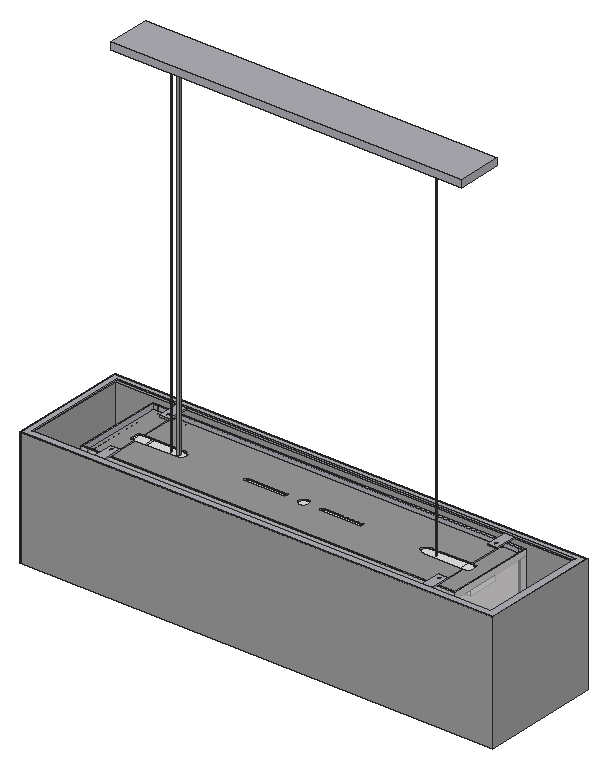
Revit family "Lighting - Lumetta - Pendant - P2096", category Lighting Fixtures, host Ceiling, Revit 2015
Parameters
  Wattage = 34.1318 W
  built-in parameter 1150110 = 1 (stored number, unit not read)
  URL = "https://lumetta.com/luminaires/shadow-streamline-48-pendant/"
  built-in parameter 1114217 = 3 (stored number, unit not read)
  Top Lens-Material [instance] = Acrylic - 2447 - White
  Top Lens [instance] = yes
  built-in parameter 1150109 = 1 (stored number, unit not read)
  built-in parameter 1150134 = (empty or 0)
  Suspension [instance] = 1
  built-in parameter 1150113 = 1 (stored number, unit not read)
  P2096 URL [instance] = "https://lumetta.com/luminaires/shadow-streamline-48-pendant/"
  Model = "P2096"  # constant formula
  Manufacturer = "Lumetta, Inc."  # constant formula
  Lumens = 5070 lm
  built-in parameter 1150115 = 1 (stored number, unit not read)
  built-in parameter 1150105 = 403.46 (stored number, unit not read)
  Light Source Symbol Size = 0' - 2"
  built-in parameter 1150137 = (empty or 0)
  built-in parameter 1150139 = (empty or 0)
  built-in parameter 1150112 = 1 (stored number, unit not read)
  built-in parameter 1150114 = 1 (stored number, unit not read)
  built-in parameter 1150132 = 2
  built-in parameter 1150102 = (empty or 0)
  built-in parameter 1150138 = (empty or 0)
  built-in parameter 1150107 = 3000 (stored number, unit not read)
  built-in parameter 1150106 = 4.0346 (stored number, unit not read)
  Frame Finish [instance] = Paint - Lumetta - F02 - PC_Chrome
  Fixture Drop [instance] = 3' - 0"
  Emit from Line Length = 2' - 10"
  built-in parameter 1150104 = 13.8 (stored number, unit not read)
  Dimming Lamp Color Temperature Shift = (empty or 0)
  Diffuser Material-Outer [instance] = Shade - Lumetta - D929 - Trans_Onyx
  Diffuser Material-Inner [instance] = Shade - Lumetta - D61 - MT_White
  Description = "Shadow Streamline 48'' Pendant"  # constant formula
  Coupling-Stems over 60 inches [instance] = and([2 Stems], Fixture Drop > 5' 0")  # no
  Cord Color [instance] = Cord, Black
  Cone Nut-STD-2-3Wire [instance] = Suspension = 1  # yes
  Color Filter = 16777215
  Bushing-LED-4Wire [instance] = Suspension = 2  # no
  Bottom Lens-Material [instance] = Acrylic - P95 - Etched White
  Bottom Lens [instance] = no
  built-in parameter 1114218 = 1 (stored number, unit not read)
  built-in parameter 1150133 = 10 (stored number, unit not read)
  2 Stems [instance] = Suspension = 3  # no
  1CRD-2CBL-LED-4Wire [instance] = or(Suspension = 1, Suspension = 2)  # yes
  1 CRD-2CBL-STD [instance] = or(Suspension = 1, Suspension = 2)  # yes
Reference planes (in)
  plane 1 "Light Source Axis (F/B)": y = 0
  plane 2 "Ceiling": z = 99.76773
  plane 3 "Light Source Axis (L/R)": x = 0
  plane 4 "Light Source Elevation": z = 61.01773
  plane 5 "Inner Frame Top": z = 63.51773
  plane 6 "Inner Frame BTM": z = 54.51773
  plane 7 "Lamping Start": z = 63.01773
  plane 8 "Left Stem": x = -14.25
  plane 9 "Right Stem": x = 14.25
  plane 10 "Cord": x = -12.75
  plane 11 "Right XBar": x = 16.6875
  plane 12 "Left XBar": x = -16.6875
  plane 13 "Left Cable": x = -13.5
  plane 14 "Right Cable": x = 13.5
  plane 15 "Inner Frame Length-Left": x = -19
  plane 16 "Inner Frame Length-Right": x = 19
  plane 17 "Inner Frame Width-Left": y = 4.5
  plane 18 "Inner Frame Width-Right": y = -4.5
  plane 19 "Outer Frame Length-Left": x = -24
  plane 20 "Outer Frame Length-Right": x = 24
  plane 21 "Outer Frame Width-Left": y = 6
  plane 22 "Outer Frame Width-Right": y = -6
  plane 23 "Outer Frame Top": z = 63.76773
  plane 24 "Outer Frame BTM": z = 51.76773
Forms (in)
  Extrusion 1, solid, material "Paint - Lumetta - F02 - PC_Chrome" <- "Frame Finish"
    sketch origin (0, 0, 99.76773) x (1, 0, 0) y (0, 1, 0)
      loop
        line (-17.875, -2.25) -> (17.875, -2.25) -> (17.875, 2.25) -> (-17.875, 2.25) -> (-17.875, -2.25)
    from 0 to -0.75
  Extrusion 2, solid, material "Paint - Lumetta - F02 - PC_Chrome" <- "Frame Finish"
    sketch origin (0, 0, 63.51773) x (0, -1, 0) y (1, 0, 0)
      loop
        line (-4.5, -19) -> (4.5, -19) -> (4.5, 19) -> (-4.5, 19) -> (-4.5, -19)
      loop
        line (-4, -18.5) -> (4, -18.5) -> (4, 18.5) -> (-4, 18.5) -> (-4, -18.5)
    from 0 to -0.61824
  Extrusion 3, void
    sketch origin (0, 0, 63.51773) x (0, -1, 0) y (1, 0, 0)
      loop
        line (-4.375, -18.875) -> (4.375, -18.875) -> (4.375, 18.875) -> (-4.375, 18.875) -> (-4.375, -18.875)
      loop
        line (-4, -18.375) -> (4, -18.375) -> (4, 18.375) -> (-4, 18.375) -> (-4, -18.375)
    from 0 to -0.5
  Extrusion 4, solid, material "Paint - Lumetta - F02 - PC_Chrome" <- "Frame Finish"
    sketch origin (0, 0, 54.51773) x (-1, 0, 0) y (0, -1, 0)
      loop
        line (19, -4.5) -> (19, 4.5) -> (-19, 4.5) -> (-19, -4.5) -> (19, -4.5)
      loop
        line (18.5, -4) -> (18.5, 4) -> (-18.5, 4) -> (-18.5, -4) -> (18.5, -4)
    from 0.62296 to 0
  Extrusion 5, void
    sketch origin (0, 0, 54.51773) x (-1, 0, 0) y (0, -1, 0)
      loop
        line (18.875, -4.375) -> (18.875, 4.375) -> (-18.875, 4.375) -> (-18.875, -4.375) -> (18.875, -4.375)
      loop
        line (18.375, -4) -> (18.375, 4) -> (-18.5, 4) -> (-18.5, -4) -> (18.375, -4)
    from -0.59912 to 0.64163
  Extrusion 6, solid, material "Paint - Lumetta - F02 - PC_Chrome" <- "Frame Finish"
    sketch origin (0, 0, 36.01773) x (0, -1, 0) y (1, 0, 0)
      loop
        line (-4.5, 19) -> (-4.5, 18.375) -> (-4.375, 18.375) -> (-4.375, 18.875) -> (-3.875, 18.875) -> (-3.875, 19) -> (-4.5, 19)
      loop
        line (-4.5, -19) -> (-3.875, -19) -> (-3.875, -18.875) -> (-4.375, -18.875) -> (-4.375, -18.375) -> (-4.5, -18.375) -> (-4.5, -19)
      loop
        line (4.5, -19) -> (4.5, -18.375) -> (4.375, -18.375) -> (4.375, -18.875) -> (3.875, -18.875) -> (3.875, -19) -> (4.5, -19)
      loop
        line (4.5, 19) -> (3.875, 19) -> (3.875, 18.875) -> (4.375, 18.875) -> (4.375, 18.375) -> (4.5, 18.375) -> (4.5, 19)
    from 18.5 to 27.5
  Extrusion 7, solid, material "Paint - Lumetta - F02 - PC_Chrome" <- "Frame Finish"
    sketch origin (0, 0, 63.51773) x (0, -1, 0) y (1, 0, 0)
      loop
        line (-2.4375, -17.1875) -> (-2.4375, -16.1875) -> (-4.375, -16.1875) -> (-4.375, -17.1875) -> (-2.4375, -17.1875)
      loop
        circle (-2.625, -16.6875) r 0.10889
      loop
        line (2.4375, -17.1875) -> (4.375, -17.1875) -> (4.375, -16.1875) -> (2.4375, -16.1875) -> (2.4375, -17.1875)
      loop
        circle (2.625, -16.6875) r 0.10889
      loop
        line (-2.4375, 17.1875) -> (-4.375, 17.1875) -> (-4.375, 16.1875) -> (-2.4375, 16.1875) -> (-2.4375, 17.1875)
      loop
        circle (-2.625, 16.6875) r 0.10889
      loop
        line (2.4375, 17.1875) -> (2.4375, 16.1875) -> (4.375, 16.1875) -> (4.375, 17.1875) -> (2.4375, 17.1875)
      loop
        circle (2.625, 16.6875) r 0.10889
      loop
        circle (-3.625, -16.6875) r 0.10938
      loop
        circle (3.625, -16.6875) r 0.10938
      loop
        circle (-3.625, 16.6875) r 0.10938
      loop
        circle (3.625, 16.6875) r 0.10938
    from -0.61824 to -0.74408
  Extrusion 8, solid, material "Paint - Lumetta - F02 - PC_Chrome" <- "Frame Finish"
    sketch origin (0, 0, 99.76773) x (1, 0, 0) y (0, 1, 0)
      loop
        circle (-10, 0) r 0.31122
      loop
        circle (10, 0) r 0.31356
    from -0.8125 to -1.1875
  Extrusion 9, solid, material "Paint - Lumetta - F02 - PC_Chrome" <- "Frame Finish", visible <- "2 Stems"
    sketch origin (18, 0.5, 99.76773) x (1, 0, 0) y (0, 1, 0)
      loop
        line (-36, -2.875) -> (0, -2.875) -> (0, 1.875) -> (-36, 1.875) -> (-36, -2.875)
    from -0.8125 to -0.75
  Revolve 10, solid, material "Paint - Lumetta - F02 - PC_Chrome" <- "Frame Finish", visible <- "Cone Nut-STD-2-3Wire"
    sketch origin (0, 0, 0) x (1, 0, 0) y (0, 0, 1)
      loop
        line (-12.75, 98.95523) -> (-12.75, 98.45523) -> (-12.46878, 98.45523) -> (-12.37659, 98.95523) -> (-12.75, 98.95523)
      axis (-12.75, 98.45523) -> (-12.75, 98.95523)
    angle from 0 to 360
  Extrusion 11, solid, material "Paint - Lumetta - F11 - PC_White"
    sketch origin (0, 0, 24.01773) x (0, -1, 0) y (1, 0, 0)
      loop
        line (-2.875, -17.3125) -> (2.875, -17.3125) -> (2.875, -16.0625) -> (-2.875, -16.0625) -> (-2.875, -17.3125)
      loop
        circle (-2.625, -16.6875) r 0.10889
      loop
        line (-2.875, 17.3125) -> (-2.875, 16.0625) -> (2.875, 16.0625) -> (2.875, 17.3125) -> (-2.875, 17.3125)
      loop
        circle (-2.625, 16.6875) r 0.10889
      loop
        circle (2.625, 16.6875) r 0.10889
      loop
        circle (2.625, -16.6875) r 0.10889
    from 38.75592 to 38.63725
  Extrusion 12, solid, material "Paint - Lumetta - F11 - PC_White"
    sketch origin (0, 0, 63.01773) x (-1, 0, 0) y (0, -1, 0)
      loop
        line (18.1875, -1.54) -> (18.1875, 1.54) -> (-18.1875, 1.54) -> (-18.1875, -1.54) -> (18.1875, -1.54)
    from -0.36275 to -1.375
  Extrusion 13, solid, material "Cord, Black" <- "Cord Color", visible <- "1 CRD-2CBL-STD"
    sketch origin (0, 0, 99.76773) x (1, 0, 0) y (0, 1, 0)
      loop
        circle (-12.75, 0) r 0.1566
    from -0.75 to -36.75
  Extrusion 14, solid, material "Steel, Galvanized", visible <- "1 CRD-2CBL-STD"
    sketch origin (0, 0, 96.01773) x (1, 0, 0) y (0, 1, 0)
      loop
        circle (-13.5, 0) r 0.03252
      loop
        circle (13.5, 0) r 0.03265
    from 3 to -33
  Extrusion 15, solid, material "Paint - Lumetta - F02 - PC_Chrome" <- "Frame Finish", visible <- "2 Stems"
    sketch origin (0, 0, 99.76773) x (1, 0, 0) y (0, 1, 0)
      loop
        circle (-14.25, 0) r 0.25
      loop
        circle (14.25, 0) r 0.25
    from 0 to -36.75
  Revolve 16, solid, material "Paint - Lumetta - F02 - PC_Chrome" <- "Frame Finish", visible <- "Coupling-Stems over 60 inches"
    sketch origin (0, 0, 0) x (1, 0, 0) y (0, 0, 1)
      loop
        line (-14.25, 123.51773) -> (-13.95764, 123.51773)
        arc (-13.95764, 123.51773) -> (-13.90786, 123.5585) -> (-13.93801, 123.61534) r 0.05078
        arc (-13.93801, 123.61534) -> (-13.90686, 123.78335) -> (-13.93801, 123.95137) r 0.46875
        arc (-13.93801, 123.95137) -> (-13.90786, 124.00821) -> (-13.95764, 124.04898) r 0.05078
        line (-13.95764, 124.04898) -> (-14.25, 124.04898) -> (-14.25, 123.51773)
      axis (-14.25, 124.04898) -> (-14.25, 123.51773)
    angle from 0 to 360
  Revolve 17, solid, material "Paint - Lumetta - F02 - PC_Chrome" <- "Frame Finish", visible <- "Coupling-Stems over 60 inches"
    sketch origin (0, 0, 0) x (-1, 0, 0) y (0, 0, 1)
      loop
        line (-14.25, 123.51773) -> (-13.9562, 123.51773)
        arc (-13.9562, 123.51773) -> (-13.90642, 123.5585) -> (-13.93657, 123.61534) r 0.05078
        arc (-13.93657, 123.61534) -> (-13.90542, 123.78335) -> (-13.93657, 123.95137) r 0.46875
        arc (-13.93657, 123.95137) -> (-13.90642, 124.00821) -> (-13.9562, 124.04898) r 0.05078
        line (-13.9562, 124.04898) -> (-14.25, 124.04898) -> (-14.25, 123.51773)
      axis (-14.25, 124.04898) -> (-14.25, 123.51773)
    angle from 0 to 360
  Extrusion 18, solid, material "Paint - Lumetta - F02 - PC_Chrome" <- "Frame Finish", visible <- "Bushing-LED-4Wire"
    sketch origin (0, 0, 99.76773) x (1, 0, 0) y (0, 1, 0)
      loop
        circle (-12.75, 0) r 0.37341
      loop
        circle (-12.75, 0) r 0.25
    from -0.91406 to -0.8125
  Extrusion 19, solid, material "Shade - Lumetta - D61 - MT_White" <- "Diffuser Material-Inner"
    sketch origin (0, 0, 63.51773) x (0, -1, 0) y (1, 0, 0)
      loop
        line (-4.5, -19) -> (4.5, -19) -> (4.5, 19) -> (-4.5, 19) -> (-4.5, -19)
      loop
        line (4.5625, -19.0625) -> (4.5625, 19.0625) -> (-4.5625, 19.0625) -> (-4.5625, -19.0625) -> (4.5625, -19.0625)
    from -9 to 0
  Extrusion 20, solid, material "Acrylic - P95 - Etched White" <- "Bottom Lens-Material", visible <- "Bottom Lens"
    sketch origin (0, 0, 54.51773) x (-1, 0, 0) y (0, -1, 0)
      loop
        line (18.75, -4.25) -> (18.75, 4.25) -> (-18.75, 4.25) -> (-18.75, -4.25) -> (18.75, -4.25)
    from 0.11313 to 0.22451
  Extrusion 21, solid, material "Paint - Lumetta - F02 - PC_Chrome" <- "Frame Finish"
    sketch origin (0, 0, 63.76773) x (0, -1, 0) y (1, 0, 0)
      loop
        line (-6, -24) -> (6, -24) -> (6, 24) -> (-6, 24) -> (-6, -24)
      loop
        line (5.375, -23.375) -> (5.375, 23.375) -> (-5.375, 23.375) -> (-5.375, -23.375) -> (5.375, -23.375)
    from -0.63301 to 0
  Extrusion 22, solid, material "Paint - Lumetta - F02 - PC_Chrome" <- "Frame Finish"
    sketch origin (0, 0, 51.76773) x (0, -1, 0) y (1, 0, 0)
      loop
        line (-6, -24) -> (6, -24) -> (6, 24) -> (-6, 24) -> (-6, -24)
      loop
        line (-5.375, -23.375) -> (5.375, -23.375) -> (5.375, 23.375) -> (-5.375, 23.375) -> (-5.375, -23.375)
    from 0 to 0.62744
  Extrusion 23, void
    sketch origin (0, 0, 63.76773) x (0, -1, 0) y (1, 0, 0)
      loop
        line (-5.375, -23.375) -> (5.375, -23.375) -> (5.375, 23.375) -> (-5.375, 23.375) -> (-5.375, -23.375)
      loop
        line (5.875, -23.875) -> (5.875, 23.875) -> (-5.875, 23.875) -> (-5.875, -23.875) -> (5.875, -23.875)
    from -11.88963 to -0.11045
  Extrusion 24, solid, material "Shade - Lumetta - D929 - Trans_Onyx" <- "Diffuser Material-Outer"
    sketch origin (0, 0, 63.76773) x (0, -1, 0) y (1, 0, 0)
      loop
        line (-6, -24) -> (6, -24) -> (6, 24) -> (-6, 24) -> (-6, -24)
      loop
        line (-6.03125, -24.03125) -> (6.03125, -24.03125) -> (6.03125, 24.03125) -> (-6.03125, 24.03125) -> (-6.03125, -24.03125)
    from -12 to 0
  Extrusion 25, solid, material "Paint - Lumetta - F02 - PC_Chrome" <- "Frame Finish"
    sketch origin (0, 0, 63.51773) x (0, -1, 0) y (1, 0, 0)
      loop
        line (-5.875, -17.1875) -> (-3.125, -17.1875) -> (-3.125, -16.1875) -> (-5.875, -16.1875) -> (-5.875, -17.1875)
      loop
        circle (-3.625, -16.6875) r 0.10937
      loop
        line (-5.875, 17.1875) -> (-5.875, 16.1875) -> (-3.125, 16.1875) -> (-3.125, 17.1875) -> (-5.875, 17.1875)
      loop
        circle (-3.625, 16.6875) r 0.10937
      loop
        line (5.875, 17.1875) -> (3.125, 17.1875) -> (3.125, 16.1875) -> (5.875, 16.1875) -> (5.875, 17.1875)
      loop
        circle (3.625, 16.6875) r 0.10937
      loop
        line (5.875, -17.1875) -> (5.875, -16.1875) -> (3.125, -16.1875) -> (3.125, -17.1875) -> (5.875, -17.1875)
      loop
        circle (3.625, -16.6875) r 0.10937
    from -0.01154 to 0.10952
  Extrusion 26, solid, material "Acrylic - 2447 - White" <- "Top Lens-Material", visible <- "Top Lens"
    sketch origin (0, 0, 63.51773) x (0, -1, 0) y (1, 0, 0)
      loop
        line (0.4375, -17.25) -> (-0.4375, -17.25)
        arc (-0.4375, -17.25) -> (-0.52589, -17.21339) -> (-0.5625, -17.125) r 0.125
        line (-0.5625, -17.125) -> (-0.5625, -16.875)
        arc (-0.5625, -16.875) -> (-0.59911, -16.78661) -> (-0.6875, -16.75) r 0.125
        line (-0.6875, -16.75) -> (-3.85472, -16.75)
        arc (-3.85472, -16.75) -> (-3.92153, -16.76936) -> (-3.96765, -16.82143) r 0.125
        arc (-3.96765, -16.82143) -> (-4.05547, -16.93207) -> (-4.18304, -16.99274) r 0.3125
        arc (-4.18304, -16.99274) -> (-4.25365, -17.03649) -> (-4.28125, -17.11484) r 0.125
        line (-4.28125, -17.11484) -> (-4.28125, -18.575)
        arc (-4.28125, -18.575) -> (-4.22267, -18.71642) -> (-4.08125, -18.775) r 0.2
        line (-4.08125, -18.775) -> (4.08125, -18.775)
        arc (4.08125, -18.775) -> (4.22267, -18.71642) -> (4.28125, -18.575) r 0.2
        line (4.28125, -18.575) -> (4.28125, -17.11484)
        arc (4.28125, -17.11484) -> (4.25365, -17.03649) -> (4.18304, -16.99274) r 0.125
        arc (4.18304, -16.99274) -> (4.05547, -16.93207) -> (3.96765, -16.82143) r 0.3125
        arc (3.96765, -16.82143) -> (3.92153, -16.76936) -> (3.85472, -16.75) r 0.125
        line (3.85472, -16.75) -> (0.6875, -16.75)
        arc (0.6875, -16.75) -> (0.59911, -16.78661) -> (0.5625, -16.875) r 0.125
        line (0.5625, -16.875) -> (0.5625, -17.125)
        arc (0.5625, -17.125) -> (0.52589, -17.21339) -> (0.4375, -17.25) r 0.125
      loop
        circle (0, 0) r 0.5
      loop
        line (-0.25, 5.8125) -> (-0.25, 1.9375)
        arc (-0.25, 1.9375) -> (0, 1.6875) -> (0.25, 1.9375) r 0.25
        line (0.25, 1.9375) -> (0.25, 5.8125)
        arc (0.25, 5.8125) -> (0, 6.0625) -> (-0.25, 5.8125) r 0.25
      loop
        arc (-3.96765, 16.82143) -> (-3.92153, 16.76936) -> (-3.85472, 16.75) r 0.125
        line (-3.85472, 16.75) -> (-0.6875, 16.75)
        arc (-0.6875, 16.75) -> (-0.59911, 16.78661) -> (-0.5625, 16.875) r 0.125
        line (-0.5625, 16.875) -> (-0.5625, 17.125)
        arc (-0.5625, 17.125) -> (-0.52589, 17.21339) -> (-0.4375, 17.25) r 0.125
        line (-0.4375, 17.25) -> (0.4375, 17.25)
        arc (0.4375, 17.25) -> (0.52589, 17.21339) -> (0.5625, 17.125) r 0.125
        line (0.5625, 17.125) -> (0.5625, 16.875)
        arc (0.5625, 16.875) -> (0.59911, 16.78661) -> (0.6875, 16.75) r 0.125
        line (0.6875, 16.75) -> (3.85472, 16.75)
        arc (3.85472, 16.75) -> (3.92153, 16.76936) -> (3.96765, 16.82143) r 0.125
        arc (3.96765, 16.82143) -> (4.05547, 16.93207) -> (4.18304, 16.99274) r 0.3125
        arc (4.18304, 16.99274) -> (4.25365, 17.03649) -> (4.28125, 17.11484) r 0.125
        line (4.28125, 17.11484) -> (4.28125, 18.575)
        arc (4.28125, 18.575) -> (4.22267, 18.71642) -> (4.08125, 18.775) r 0.2
        line (4.08125, 18.775) -> (-4.08125, 18.775)
        arc (-4.08125, 18.775) -> (-4.22267, 18.71642) -> (-4.28125, 18.575) r 0.2
        line (-4.28125, 18.575) -> (-4.28125, 17.11484)
        arc (-4.28125, 17.11484) -> (-4.25365, 17.03649) -> (-4.18304, 16.99274) r 0.125
        arc (-4.18304, 16.99274) -> (-4.05547, 16.93207) -> (-3.96765, 16.82143) r 0.3125
      loop
        line (-0.49551, -12.42075) -> (-0.27063, -12.03125)
        arc (-0.27063, -12.03125) -> (0, -11.875) -> (0.27063, -12.03125) r 0.3125
        line (0.27063, -12.03125) -> (0.49551, -12.42075)
        arc (0.49551, -12.42075) -> (0.54546, -12.54134) -> (0.5625, -12.67075) r 0.5
        line (0.5625, -12.67075) -> (0.5625, -16.5)
        arc (0.5625, -16.5) -> (0.59911, -16.58839) -> (0.6875, -16.625) r 0.125
        line (0.6875, -16.625) -> (3.85472, -16.625)
        arc (3.85472, -16.625) -> (3.92153, -16.60564) -> (3.96765, -16.55357) r 0.125
        arc (3.96765, -16.55357) -> (4.05547, -16.44293) -> (4.18304, -16.38226) r 0.3125
        arc (4.18304, -16.38226) -> (4.25365, -16.33851) -> (4.28125, -16.26016) r 0.125
        line (4.28125, -16.26016) -> (4.28125, 16.26016)
        arc (4.28125, 16.26016) -> (4.25365, 16.33851) -> (4.18304, 16.38226) r 0.125
        arc (4.18304, 16.38226) -> (4.05547, 16.44293) -> (3.96765, 16.55357) r 0.3125
        arc (3.96765, 16.55357) -> (3.92153, 16.60564) -> (3.85472, 16.625) r 0.125
        line (3.85472, 16.625) -> (0.6875, 16.625)
        arc (0.6875, 16.625) -> (0.59911, 16.58839) -> (0.5625, 16.5) r 0.125
        line (0.5625, 16.5) -> (0.5625, 12.67075)
        arc (0.5625, 12.67075) -> (0.54546, 12.54134) -> (0.49551, 12.42075) r 0.5
        line (0.49551, 12.42075) -> (0.27063, 12.03125)
        arc (0.27063, 12.03125) -> (0, 11.875) -> (-0.27063, 12.03125) r 0.3125
        line (-0.27063, 12.03125) -> (-0.49551, 12.42075)
        arc (-0.49551, 12.42075) -> (-0.54546, 12.54134) -> (-0.5625, 12.67075) r 0.5
        line (-0.5625, 12.67075) -> (-0.5625, 16.5)
        arc (-0.5625, 16.5) -> (-0.59911, 16.58839) -> (-0.6875, 16.625) r 0.125
        line (-0.6875, 16.625) -> (-3.85472, 16.625)
        arc (-3.85472, 16.625) -> (-3.92153, 16.60564) -> (-3.96765, 16.55357) r 0.125
        arc (-3.96765, 16.55357) -> (-4.05547, 16.44293) -> (-4.18304, 16.38226) r 0.3125
        arc (-4.18304, 16.38226) -> (-4.25365, 16.33851) -> (-4.28125, 16.26016) r 0.125
        line (-4.28125, 16.26016) -> (-4.28125, -16.26016)
        arc (-4.28125, -16.26016) -> (-4.25365, -16.33851) -> (-4.18304, -16.38226) r 0.125
        arc (-4.18304, -16.38226) -> (-4.05547, -16.44293) -> (-3.96765, -16.55357) r 0.3125
        arc (-3.96765, -16.55357) -> (-3.92153, -16.60564) -> (-3.85472, -16.625) r 0.125
        line (-3.85472, -16.625) -> (-0.6875, -16.625)
        arc (-0.6875, -16.625) -> (-0.59911, -16.58839) -> (-0.5625, -16.5) r 0.125
        line (-0.5625, -16.5) -> (-0.5625, -12.67075)
        arc (-0.5625, -12.67075) -> (-0.54546, -12.54134) -> (-0.49551, -12.42075) r 0.5
      loop
        arc (-0.25, -5.8125) -> (0, -6.0625) -> (0.25, -5.8125) r 0.25
        line (0.25, -5.8125) -> (0.25, -1.9375)
        arc (0.25, -1.9375) -> (0, -1.6875) -> (-0.25, -1.9375) r 0.25
        line (-0.25, -1.9375) -> (-0.25, -5.8125)
    from -0.5 to -0.42419
  Revolve 27, solid, material "Paint - Lumetta - F02 - PC_Chrome" <- "Frame Finish", visible <- "2 Stems"
    sketch origin (0, 0, 0) x (1, 0, 0) y (0, 0, 1)
      loop
        line (-14.25, 99.43423) -> (-14.25, 98.74673) -> (-13.88452, 98.74673)
        arc (-13.88452, 98.74673) -> (-13.65804, 99.05321) -> (-13.65163, 99.43423) r 0.625
        line (-13.65163, 99.43423) -> (-14.25, 99.43423)
      axis (-14.25, 98.74673) -> (-14.25, 99.43423)
    angle from 0 to 360
  Revolve 28, solid, material "Paint - Lumetta - F02 - PC_Chrome" <- "Frame Finish", visible <- "2 Stems"
    sketch origin (0, 0, 0) x (-1, 0, 0) y (0, 0, 1)
      loop
        line (-14.25, 99.43423) -> (-14.25, 98.74673) -> (-13.88452, 98.74673)
        arc (-13.88452, 98.74673) -> (-13.65804, 99.05321) -> (-13.65163, 99.43423) r 0.625
        line (-13.65163, 99.43423) -> (-14.25, 99.43423)
      axis (-14.25, 98.74673) -> (-14.25, 99.43423)
    angle from 0 to 360
Cuts and joins
  Extrusion 3, Extrusion 5 cuts Extrusion 2
  Extrusion 5 cuts Extrusion 4
  Extrusion 23 cuts Extrusion 21
  Extrusion 23 cuts Extrusion 22
Dimensions and locks (in)
  equal spacing: host sketch curve, plane 3 "Light Source Axis (L/R)", host sketch curve
  equal spacing: host sketch curve, plane 1 "Light Source Axis (F/B)", host sketch curve
  host sketch curve to host sketch curve = 10' - 0"  (x2)
  locked: Extrusion 9 to Revolve 10 sketch curve at 0.5
  plane 1 "Light Source Axis (F/B)" to Extrusion 11 sketch curve = 0' - 2 7/8"
  locked: Extrusion 11 sketch curve to Extrusion 11 sketch curve at 5.75  (x2)
  locked: imposter light to Extrusion 12 sketch curve at 1.54
  locked: plane 1 "Light Source Axis (F/B)" to Extrusion 12 sketch curve at 1.54
  Revolve 16 sketch curve to level = 10' - 3.51773"
  locked: Revolve 16 sketch curve to Revolve 16 sketch curve at 0.53125
  locked: Revolve 16 sketch curve to Revolve 16 sketch curve at 0.26563
  locked: Revolve 16 sketch curve to Revolve 16 sketch curve at 0.05078  (x2)
  locked: Revolve 17 sketch curve to Revolve 17 sketch curve at 0.53125
  locked: Revolve 17 sketch curve to Revolve 17 sketch curve at 0.26563
  locked: Revolve 17 sketch curve to Revolve 17 sketch curve at 0.05078  (x2)
  locked: Extrusion 18 sketch curve to plane 3 "Light Source Axis (L/R)" at 12.75  (x2)
  locked: Revolve 17 sketch curve to plane 5 "Inner Frame Top" at 60
  locked: Revolve 16 sketch curve to plane 5 "Inner Frame Top" at 60
  locked: cut or joined group of Extrusion 2, Extrusion 3, Extrusion 5 to Extrusion 19 sketch curve at 0.0625
  equal spacing: Extrusion 14 sketch curve, plane 3 "Light Source Axis (L/R)", Extrusion 14 sketch curve
  plane 3 "Light Source Axis (L/R)" to Revolve 10 sketch curve = 1' - 0 3/4"
  equal spacing: Extrusion 8 sketch curve, plane 3 "Light Source Axis (L/R)", Extrusion 8 sketch curve
  Extrusion 8 sketch curve to Extrusion 8 sketch curve = 1' - 8"
  locked: Extrusion 13 sketch curve to plane 3 "Light Source Axis (L/R)" at 12.75
  plane 3 "Light Source Axis (L/R)" to Extrusion 15 sketch curve = 1' - 2 1/4"
  plane 3 "Light Source Axis (L/R)" to Revolve 17 sketch curve = 1' - 2 1/4"
  locked: Revolve 16 sketch curve to plane 8 "Left Stem" at 0  (x2)
  locked: Revolve 16 sketch curve to plane 8 "Left Stem" at 0.29236  (x2)
  locked: plane 8 "Left Stem" to Revolve 16 sketch curve at 0.12561
  locked: Revolve 17 sketch curve to plane 9 "Right Stem" at 0  (x2)
  locked: plane 9 "Right Stem" to Revolve 17 sketch curve at 0.2938  (x2)
  locked: Revolve 17 sketch curve to plane 9 "Right Stem" at 0.12417
  locked: plane 10 "Cord" to Revolve 10 sketch curve at 0
  Revolve 10 sketch curve to plane 10 "Cord" = 0' - 0"
  locked: Revolve 10 sketch curve to plane 10 "Cord" at 0.37341
  locked: Revolve 10 sketch curve to plane 10 "Cord" at 0.28122
  locked: plane 3 "Light Source Axis (L/R)" to plane 10 "Cord" at 12.75
  equal spacing: plane 12 "Left XBar", plane 3 "Light Source Axis (L/R)", plane 11 "Right XBar"
  locked: plane 12 "Left XBar" to plane 11 "Right XBar" at 33.375
  equal spacing: plane 13 "Left Cable", plane 3 "Light Source Axis (L/R)", plane 14 "Right Cable"
  locked: plane 13 "Left Cable" to plane 14 "Right Cable" at 27
  locked: Extrusion 14 sketch curve to plane 13 "Left Cable" at 0
  equal spacing: plane 8 "Left Stem", plane 3 "Light Source Axis (L/R)", plane 9 "Right Stem"
  locked: plane 8 "Left Stem" to plane 9 "Right Stem" at 28.5
  equal spacing: plane 15 "Inner Frame Length-Left", plane 3 "Light Source Axis (L/R)", plane 16 "Inner Frame Length-Right"
  locked: plane 15 "Inner Frame Length-Left" to plane 16 "Inner Frame Length-Right" at 38
  equal spacing: plane 17 "Inner Frame Width-Left", plane 1 "Light Source Axis (F/B)", plane 18 "Inner Frame Width-Right"
  locked: plane 17 "Inner Frame Width-Left" to plane 18 "Inner Frame Width-Right" at 9
  equal spacing: plane 19 "Outer Frame Length-Left", plane 3 "Light Source Axis (L/R)", plane 20 "Outer Frame Length-Right"
  equal spacing: plane 22 "Outer Frame Width-Right", plane 1 "Light Source Axis (F/B)", plane 21 "Outer Frame Width-Left"
  locked: plane 19 "Outer Frame Length-Left" to plane 20 "Outer Frame Length-Right" at 48
  locked: plane 21 "Outer Frame Width-Left" to plane 22 "Outer Frame Width-Right" at 12
  locked: Extrusion 6 sketch curve to plane 15 "Inner Frame Length-Left" at 0  (x2)
  locked: Extrusion 6 sketch curve to plane 17 "Inner Frame Width-Left" at 0  (x2)
  locked: Extrusion 6 sketch curve to plane 18 "Inner Frame Width-Right" at 0  (x2)
  locked: Extrusion 6 sketch curve to plane 16 "Inner Frame Length-Right" at 0  (x2)
  locked: Extrusion 6 sketch curve to plane 16 "Inner Frame Length-Right" at 0.625  (x2)
  locked: Extrusion 6 sketch curve to plane 17 "Inner Frame Width-Left" at 0.625
  locked: Extrusion 6 sketch curve to plane 18 "Inner Frame Width-Right" at 0.625
  locked: plane 15 "Inner Frame Length-Left" to Extrusion 6 sketch curve at 0.625  (x2)
  locked: plane 17 "Inner Frame Width-Left" to Extrusion 6 sketch curve at 0.625
  locked: plane 18 "Inner Frame Width-Right" to Extrusion 6 sketch curve at 0.625
  Extrusion 19 to plane 16 "Inner Frame Length-Right" = 0' - 0"
  locked: plane 16 "Inner Frame Length-Right" to Extrusion 2 sketch curve
  locked: Extrusion 2 sketch curve to plane 17 "Inner Frame Width-Left" at 0
  locked: Extrusion 2 sketch curve to plane 18 "Inner Frame Width-Right" at 0
  locked: plane 15 "Inner Frame Length-Left" to Extrusion 5 sketch curve at 0.125
  locked: Extrusion 5 sketch curve to Extrusion 5 sketch curve at 0.5
  locked: Extrusion 5 sketch curve to plane 16 "Inner Frame Length-Right" at 0.125
  locked: Extrusion 5 sketch curve to plane 16 "Inner Frame Length-Right" at 0.5
  locked: plane 15 "Inner Frame Length-Left" to Extrusion 2 sketch curve
  locked: Extrusion 2 sketch curve to Extrusion 2 sketch curve at 0.5
  locked: plane 15 "Inner Frame Length-Left" to Extrusion 3 sketch curve at 0.125
  locked: Extrusion 3 sketch curve to Extrusion 3 sketch curve at 0.5  (x2)
  locked: Extrusion 3 sketch curve to plane 16 "Inner Frame Length-Right" at 0.125
  locked: plane 15 "Inner Frame Length-Left" to Extrusion 4 sketch curve
  locked: Extrusion 4 sketch curve to Extrusion 4 sketch curve at 0.5  (x2)
  locked: Extrusion 4 sketch curve to plane 16 "Inner Frame Length-Right"
  locked: Extrusion 20 sketch curve to plane 16 "Inner Frame Length-Right" at 0.25
  locked: Extrusion 20 sketch curve to plane 17 "Inner Frame Width-Left" at 0.25
  locked: Extrusion 20 sketch curve to plane 18 "Inner Frame Width-Right" at 0.25
  locked: plane 15 "Inner Frame Length-Left" to Extrusion 20 sketch curve at 0.25
  locked: Extrusion 19 sketch curve to cut or joined group of Extrusion 2, Extrusion 3, Extrusion 5 at 0.0625  (x3)
  equal spacing: Extrusion 9 sketch curve, plane 1 "Light Source Axis (F/B)", Extrusion 9 sketch curve
  equal spacing: Extrusion 9 sketch curve, plane 3 "Light Source Axis (L/R)", Extrusion 9 sketch curve
  locked: Extrusion 9 sketch curve to Extrusion 9 sketch curve at 36
  locked: Extrusion 9 sketch curve to Extrusion 9 sketch curve at 4.75
  locked: Extrusion 9 to Extrusion 1 sketch curve at 0.125  (x3)
  locked: Extrusion 1 sketch curve to Extrusion 9 at 0.125
  locked: Extrusion 7 sketch curve to Extrusion 7 sketch curve at 0.1875  (x4)
  locked: Extrusion 7 sketch curve to plane 12 "Left XBar" at 0  (x2)
  equal spacing: Extrusion 7 sketch curve, plane 12 "Left XBar", Extrusion 7 sketch curve
  locked: Extrusion 7 sketch curve to plane 12 "Left XBar" at 0.5  (x2)
  locked: Extrusion 7 sketch curve to plane 17 "Inner Frame Width-Left" at 0.125
  locked: Extrusion 11 sketch curve to plane 12 "Left XBar" at 0  (x2)
  locked: Extrusion 15 sketch curve to plane 8 "Left Stem"
  locked: plane 9 "Right Stem" to Extrusion 15 sketch curve
  locked: Extrusion 11 sketch curve to Extrusion 11 sketch curve at 1.25  (x2)
  equal spacing: Extrusion 11 sketch curve, plane 12 "Left XBar", Extrusion 11 sketch curve
  locked: Extrusion 12 sketch curve to plane 12 "Left XBar" at 1.5
  locked: plane 11 "Right XBar" to Extrusion 12 sketch curve at 1.5
  locked: plane 15 "Inner Frame Length-Left" to Extrusion 20 at 0.25
  locked: Extrusion 20 to plane 16 "Inner Frame Length-Right" at 0.25
  locked: Extrusion 21 sketch curve to plane 19 "Outer Frame Length-Left" at 0
  locked: Extrusion 21 sketch curve to plane 21 "Outer Frame Width-Left" at 0
  locked: Extrusion 21 sketch curve to plane 22 "Outer Frame Width-Right" at 0
  locked: Extrusion 21 sketch curve to plane 20 "Outer Frame Length-Right" at 0
  locked: Extrusion 21 sketch curve to Extrusion 21 sketch curve at 0.625  (x4)
  locked: Extrusion 21 to plane 20 "Outer Frame Length-Right" at 0
  locked: Extrusion 21 to Extrusion 21 at 0.625  (x4)
  locked: Extrusion 21 to plane 19 "Outer Frame Length-Left" at 0
  locked: Extrusion 21 to plane 21 "Outer Frame Width-Left" at 0
  locked: Extrusion 21 to plane 22 "Outer Frame Width-Right" at 0
  locked: Extrusion 23 sketch curve to plane 20 "Outer Frame Length-Right" at 0.125
  locked: plane 19 "Outer Frame Length-Left" to Extrusion 23 sketch curve at 0.125
  locked: Extrusion 23 sketch curve to plane 21 "Outer Frame Width-Left" at 0.125
  locked: Extrusion 23 sketch curve to plane 22 "Outer Frame Width-Right" at 0.125
  locked: cut or joined group of Extrusion 21, Extrusion 23 to plane 20 "Outer Frame Length-Right" at 0
  locked: cut or joined group of Extrusion 21, Extrusion 23 to Extrusion 24 sketch curve at 0.03125
  locked: cut or joined group of Extrusion 21, Extrusion 23 to plane 21 "Outer Frame Width-Left" at 0  (x2)
  locked: Extrusion 24 sketch curve to cut or joined group of Extrusion 21, Extrusion 23 at 0.03125  (x3)
  locked: cut or joined group of Extrusion 21, Extrusion 23 to plane 19 "Outer Frame Length-Left" at 0
  cut or joined group of Extrusion 21, Extrusion 23 to Extrusion 24 sketch curve = 0' - 0 1/32"
  locked: cut or joined group of Extrusion 21, Extrusion 23 to plane 22 "Outer Frame Width-Right" at 0
  locked: Extrusion 25 sketch curve to plane 12 "Left XBar" at 0.5  (x2)
  locked: plane 12 "Left XBar" to Extrusion 25 sketch curve at 0.5
  locked: Extrusion 25 sketch curve to plane 21 "Outer Frame Width-Left" at 0.125
  locked: Extrusion 25 sketch curve to Extrusion 25 sketch curve at 2.75  (x4)
  locked: Extrusion 7 sketch curve to Extrusion 7 sketch curve at 1.9375  (x4)
  locked: Extrusion 7 sketch curve to Extrusion 7 sketch curve at 1  (x3)
  locked: Extrusion 7 sketch curve to Extrusion 7 sketch curve at 1.1875
  locked: Extrusion 11 sketch curve to Extrusion 11 sketch curve at 0.25  (x3)
  Extrusion 11 sketch curve to Extrusion 11 sketch curve = 0' - 1 1/4"
  Extrusion 25 sketch curve to Extrusion 25 sketch curve = 0' - 0 1/2"
  locked: Extrusion 25 sketch curve to plane 12 "Left XBar" at 0  (x2)
  "Fixture Drop": plane 2 "Ceiling" to plane 23 "Outer Frame Top"
  locked: plane 23 "Outer Frame Top" to plane 5 "Inner Frame Top" at 0.25
  locked: Extrusion 24 to plane 23 "Outer Frame Top" at 0  (x2)
  plane 23 "Outer Frame Top" to cut or joined group of Extrusion 21, Extrusion 23 = 0' - 0"  (x2)
  plane 23 "Outer Frame Top" to cut or joined group of Extrusion 21, Extrusion 23 = 0' - 0.11045"  (x2)
  locked: plane 5 "Inner Frame Top" to plane 7 "Lamping Start" at 0.5
  locked: plane 23 "Outer Frame Top" to Extrusion 25 at 0.26154
  locked: plane 23 "Outer Frame Top" to cut or joined group of Extrusion 2, Extrusion 3, Extrusion 5 at 0.25
  locked: plane 23 "Outer Frame Top" to cut or joined group of Extrusion 21, Extrusion 23 at 0.63301
  locked: plane 5 "Inner Frame Top" to cut or joined group of Extrusion 2, Extrusion 3, Extrusion 5 at 0.61824
  locked: plane 5 "Inner Frame Top" to cut or joined group of Extrusion 2, Extrusion 3, Extrusion 5 at 0.5
  locked: cut or joined group of Extrusion 2, Extrusion 3, Extrusion 5 to plane 5 "Inner Frame Top" at 0
  locked: Extrusion 19 to plane 5 "Inner Frame Top"
  locked: cut or joined group of Extrusion 2, Extrusion 3, Extrusion 5 to Extrusion 7 at 0.12584
  locked: plane 7 "Lamping Start" to Extrusion 7 at 0.11824
  locked: plane 7 "Lamping Start" to Extrusion 11 at 0.36275
  locked: Extrusion 11 to Extrusion 7 at 0
  locked: plane 7 "Lamping Start" to Extrusion 12 at 0.36275
  locked: Extrusion 12 to Extrusion 12 at 1.01225
  plane 7 "Lamping Start" to plane 4 "Light Source Elevation" = 0' - 2"
  locked: cut or joined group of Extrusion 22, Extrusion 23 to plane 24 "Outer Frame BTM" at 0.11037
  locked: cut or joined group of Extrusion 22, Extrusion 23 to plane 24 "Outer Frame BTM" at 0.62744
  plane 23 "Outer Frame Top" to plane 24 "Outer Frame BTM" = 1' - 0"
  plane 5 "Inner Frame Top" to plane 6 "Inner Frame BTM" = 0' - 9"
  locked: plane 23 "Outer Frame Top" to cut or joined group of Extrusion 21, Extrusion 23 at 0.11045
  locked: plane 11 "Right XBar" to Extrusion 11 sketch curve  (x2)
  locked: plane 11 "Right XBar" to Extrusion 11 sketch curve at 0.625
  locked: Extrusion 7 sketch curve to plane 12 "Left XBar"  (x2)
  locked: plane 11 "Right XBar" to Extrusion 7 sketch curve at 0
  locked: plane 11 "Right XBar" to Extrusion 7 sketch curve  (x3)
  locked: Extrusion 7 sketch curve to plane 11 "Right XBar" at 0.5  (x2)
  locked: Extrusion 25 sketch curve to Extrusion 25 sketch curve at 1  (x3)
  locked: Extrusion 25 sketch curve to plane 11 "Right XBar" at 0  (x2)
  locked: plane 11 "Right XBar" to Extrusion 25 sketch curve at 0.5  (x2)
  locked: Extrusion 26 to Extrusion 26 at 0.07581
  locked: plane 5 "Inner Frame Top" to Extrusion 26 at 0.5
  locked: Revolve 27 sketch curve to plane 8 "Left Stem" at 0
  locked: Extrusion 9 to Revolve 27 sketch curve at 0.2085
  locked: Revolve 27 sketch curve to Revolve 27 sketch curve at 0.507
  locked: Revolve 27 sketch curve to Revolve 27 sketch curve at 0.6875
  locked: Revolve 28 sketch curve to Revolve 28 sketch curve at 0.507
  locked: Revolve 28 sketch curve to Revolve 28 sketch curve at 0.6875
  aligned and locked: plane 3 "Light Source Axis (L/R)" to imposter light
  aligned and locked: plane 1 "Light Source Axis (F/B)" to imposter light
  aligned and locked: plane 4 "Light Source Elevation" to imposter light
  aligned and locked: Extrusion 13 to Extrusion 1
  aligned and locked: plane 2 "Ceiling" to Extrusion 15
  aligned and locked: Extrusion 13 to plane 7 "Lamping Start"
  aligned and locked: Extrusion 14 to plane 7 "Lamping Start"
  aligned and locked: Extrusion 15 to Extrusion 13
  aligned and locked: cut or joined group of Extrusion 2, Extrusion 3, Extrusion 5 to Extrusion 5 sketch curve  (x2)
  aligned and locked: Extrusion 11 to Extrusion 12
  aligned and locked: plane 15 "Inner Frame Length-Left" to Extrusion 19 sketch curve
  aligned and locked: Extrusion 19 sketch curve to plane 17 "Inner Frame Width-Left"
  aligned and locked: Extrusion 19 sketch curve to plane 16 "Inner Frame Length-Right"
  aligned and locked: plane 18 "Inner Frame Width-Right" to Extrusion 19 sketch curve
  aligned and locked: Extrusion 24 to plane 23 "Outer Frame Top"
  aligned and locked: Extrusion 7 to cut or joined group of Extrusion 2, Extrusion 3, Extrusion 5
  aligned and locked: Extrusion 14 to Extrusion 1
  aligned and locked: Extrusion 6 to plane 5 "Inner Frame Top"
  aligned and locked: plane 24 "Outer Frame BTM" to Extrusion 22
  aligned and locked: plane 24 "Outer Frame BTM" to Extrusion 24
  aligned and locked: Extrusion 19 to plane 6 "Inner Frame BTM"
  aligned and locked: Extrusion 6 to plane 6 "Inner Frame BTM"
  aligned and locked: Extrusion 4 to plane 6 "Inner Frame BTM"
Automatic sketch dimensions
  Extrusion 2 sketch curve to plane 17 "Inner Frame Width-Left" = 0' - 0 1/2"
  plane 18 "Inner Frame Width-Right" to Extrusion 2 sketch curve = 0' - 0 1/2"
  Extrusion 2 sketch curve to plane 16 "Inner Frame Length-Right" = 0' - 0 1/2"
  Extrusion 3 sketch curve to plane 17 "Inner Frame Width-Left" = 0' - 0 1/8"
  Extrusion 3 sketch curve to plane 17 "Inner Frame Width-Left" = 0' - 0 1/2"
  plane 18 "Inner Frame Width-Right" to Extrusion 3 sketch curve = 0' - 0 1/2"
  plane 18 "Inner Frame Width-Right" to Extrusion 3 sketch curve = 0' - 0 1/8"
  Extrusion 4 sketch curve to plane 17 "Inner Frame Width-Left" = 0' - 0"
  Extrusion 4 sketch curve to plane 18 "Inner Frame Width-Right" = 0' - 0"
  Extrusion 4 sketch curve to plane 17 "Inner Frame Width-Left" = 0' - 0 1/2"
  plane 18 "Inner Frame Width-Right" to Extrusion 4 sketch curve = 0' - 0 1/2"
  Extrusion 5 sketch curve to plane 17 "Inner Frame Width-Left" = 0' - 0 1/8"
  plane 18 "Inner Frame Width-Right" to Extrusion 5 sketch curve = 0' - 0 1/8"
  Extrusion 6 sketch curve to plane 17 "Inner Frame Width-Left" = 0' - 0 1/8"  (x2)
  plane 18 "Inner Frame Width-Right" to Extrusion 6 sketch curve = 0' - 0 1/8"  (x2)
  plane 15 "Inner Frame Length-Left" to Extrusion 6 sketch curve = 0' - 0 1/8"  (x2)
  Extrusion 6 sketch curve to Extrusion 6 sketch curve = 0' - 0 1/8"
  Extrusion 6 sketch curve to plane 16 "Inner Frame Length-Right" = 0' - 0 1/8"
  Extrusion 7 sketch curve to plane 17 "Inner Frame Width-Left" = 0' - 0 1/8"
  Extrusion 7 sketch curve to plane 17 "Inner Frame Width-Left" = 0' - 0 7/8"
  plane 18 "Inner Frame Width-Right" to Extrusion 7 sketch curve = 0' - 2 1/16"  (x2)
  plane 18 "Inner Frame Width-Right" to Extrusion 7 sketch curve = 0' - 0 7/8"  (x2)
  plane 1 "Light Source Axis (F/B)" to Extrusion 8 sketch curve = 0' - 0"  (x2)
  Revolve 10 sketch curve to Revolve 10 sketch curve = 0' - 0 1/2"
  Revolve 10 sketch curve to Revolve 10 sketch curve = 0' - 0"
  plane 2 "Ceiling" to Revolve 10 sketch curve = 0' - 2 11/16"
  Extrusion 11 sketch curve to plane 17 "Inner Frame Width-Left" = 0' - 1 5/8"
  Extrusion 11 sketch curve to Extrusion 11 sketch curve = 0' - 0 1/4"
  plane 1 "Light Source Axis (F/B)" to Extrusion 13 sketch curve = 0' - 0"
  plane 1 "Light Source Axis (F/B)" to Extrusion 14 sketch curve = 0' - 0"  (x2)
  plane 1 "Light Source Axis (F/B)" to Extrusion 15 sketch curve = 0' - 0"  (x2)
  Revolve 16 sketch curve to Revolve 16 sketch curve = 0' - 0.01964"
  plane 2 "Ceiling" to Revolve 16 sketch curve = 0' - 4 17/32"
  Revolve 16 sketch curve to Revolve 16 sketch curve = 0' - 0"
  Revolve 17 sketch curve to Revolve 17 sketch curve = 0' - 0.01964"
  Revolve 17 sketch curve to plane 2 "Ceiling" = 0' - 4 17/32"
  Revolve 17 sketch curve to Revolve 17 sketch curve = 0' - 0"
  Extrusion 18 sketch curve to Extrusion 18 sketch curve = 0' - 0"
  plane 1 "Light Source Axis (F/B)" to Extrusion 18 sketch curve = 0' - 0"
  Extrusion 22 sketch curve to plane 20 "Outer Frame Length-Right" = 0' - 0"
  Extrusion 22 sketch curve to plane 21 "Outer Frame Width-Left" = 0' - 0"
  plane 22 "Outer Frame Width-Right" to Extrusion 22 sketch curve = 0' - 0"
  Extrusion 22 sketch curve to plane 19 "Outer Frame Length-Left" = 0' - 0"
  Extrusion 22 sketch curve to plane 21 "Outer Frame Width-Left" = 0' - 0 5/8"
  Extrusion 22 sketch curve to plane 22 "Outer Frame Width-Right" = 0' - 0 5/8"
  plane 19 "Outer Frame Length-Left" to Extrusion 22 sketch curve = 0' - 0 5/8"
  plane 20 "Outer Frame Length-Right" to Extrusion 22 sketch curve = 0' - 0 5/8"
  Extrusion 23 sketch curve to plane 21 "Outer Frame Width-Left" = 0' - 0 5/8"
  Extrusion 23 sketch curve to plane 22 "Outer Frame Width-Right" = 0' - 0 5/8"
  plane 19 "Outer Frame Length-Left" to Extrusion 23 sketch curve = 0' - 0 5/8"
  plane 20 "Outer Frame Length-Right" to Extrusion 23 sketch curve = 0' - 0 5/8"
  Extrusion 24 sketch curve to plane 19 "Outer Frame Length-Left" = 0' - 0"
  Extrusion 24 sketch curve to plane 21 "Outer Frame Width-Left" = 0' - 0"
  plane 22 "Outer Frame Width-Right" to Extrusion 24 sketch curve = 0' - 0"
  Extrusion 24 sketch curve to plane 20 "Outer Frame Length-Right" = 0' - 0"
  Extrusion 25 sketch curve to plane 21 "Outer Frame Width-Left" = 0' - 0 1/8"
  Extrusion 25 sketch curve to Extrusion 25 sketch curve = 0' - 0 1/2"  (x3)
  plane 18 "Inner Frame Width-Right" to Extrusion 25 sketch curve = 0' - 1 3/8"  (x2)
  Extrusion 26 sketch curve to Extrusion 26 sketch curve = 0' - 0"  (x23)
  Extrusion 26 sketch curve to plane 12 "Left XBar" = 0' - 0"  (x2)
  Extrusion 26 sketch curve to plane 11 "Right XBar" = 0' - 0"  (x2)
  plane 1 "Light Source Axis (F/B)" to Extrusion 26 sketch curve = 0' - 0"  (x5)
  Extrusion 26 sketch curve to plane 3 "Light Source Axis (L/R)" = 0' - 0"
  Extrusion 26 sketch curve to plane 1 "Light Source Axis (F/B)" = 0' - 0 1/16"  (x2)
  Extrusion 26 sketch curve to plane 1 "Light Source Axis (F/B)" = 0' - 0 1/4"  (x2)
  Extrusion 26 sketch curve to plane 1 "Light Source Axis (F/B)" = 0' - 0.27063"  (x2)
  Extrusion 26 sketch curve to plane 1 "Light Source Axis (F/B)" = 0' - 0 7/16"  (x2)
  Extrusion 26 sketch curve to Extrusion 26 sketch curve = 0' - 0.22488"  (x4)
  Extrusion 26 sketch curve to Extrusion 26 sketch curve = 0' - 0 1/8"  (x19)
  plane 10 "Cord" to Extrusion 26 sketch curve = 0' - 0.07925"  (x2)
  Extrusion 26 sketch curve to Extrusion 26 sketch curve = 0' - 0.06699"  (x2)
  Extrusion 26 sketch curve to plane 11 "Right XBar" = 0' - 0 3/16"  (x3)
  plane 11 "Right XBar" to Extrusion 26 sketch curve = 0' - 0 1/16"  (x2)
  Extrusion 26 sketch curve to plane 17 "Inner Frame Width-Left" = 0' - 0.64528"  (x2)
  plane 12 "Left XBar" to Extrusion 26 sketch curve = 0' - 0 1/16"  (x2)
  Extrusion 26 sketch curve to plane 12 "Left XBar" = 0' - 0 1/16"  (x2)
  Extrusion 26 sketch curve to plane 17 "Inner Frame Width-Left" = 0' - 0.41875"  (x2)
  Extrusion 26 sketch curve to plane 17 "Inner Frame Width-Left" = 0' - 0 11/32"  (x4)
  Extrusion 26 sketch curve to plane 17 "Inner Frame Width-Left" = 0' - 0 1/4"  (x2)
  Extrusion 26 sketch curve to Extrusion 26 sketch curve = 0' - 0.2"  (x2)
  plane 1 "Light Source Axis (F/B)" to Extrusion 26 sketch curve = 0' - 0 1/16"  (x2)
  plane 1 "Light Source Axis (F/B)" to Extrusion 26 sketch curve = 0' - 0.27063"  (x2)
  plane 1 "Light Source Axis (F/B)" to Extrusion 26 sketch curve = 0' - 0 7/16"  (x2)
  plane 11 "Right XBar" to Extrusion 26 sketch curve = 0' - 0 3/16"
  Extrusion 26 sketch curve to plane 11 "Right XBar" = 0' - 0 1/16"
  plane 12 "Left XBar" to Extrusion 26 sketch curve = 0' - 0 3/16"
  plane 18 "Inner Frame Width-Right" to Extrusion 26 sketch curve = 0' - 0.64528"  (x2)
  plane 18 "Inner Frame Width-Right" to Extrusion 26 sketch curve = 0' - 0.41875"  (x2)
  plane 18 "Inner Frame Width-Right" to Extrusion 26 sketch curve = 0' - 0 11/32"  (x4)
  plane 18 "Inner Frame Width-Right" to Extrusion 26 sketch curve = 0' - 0 1/4"  (x2)
  Extrusion 26 sketch curve to plane 12 "Left XBar" = 0' - 0.42734"  (x2)
  Extrusion 26 sketch curve to Extrusion 26 sketch curve = 0' - 0 1/4"  (x2)
  plane 15 "Inner Frame Length-Left" to Extrusion 26 sketch curve = 0' - 0.425"
  plane 12 "Left XBar" to Extrusion 26 sketch curve = 0' - 0.42734"  (x2)
  Extrusion 26 sketch curve to Extrusion 26 sketch curve = 0' - 0.48325"
  Extrusion 26 sketch curve to Extrusion 26 sketch curve = 0' - 0 5/32"  (x2)
  Extrusion 26 sketch curve to plane 3 "Light Source Axis (L/R)" = 0' - 5 13/16"
  Extrusion 26 sketch curve to plane 3 "Light Source Axis (L/R)" = 0' - 1 15/16"
  plane 3 "Light Source Axis (L/R)" to Extrusion 26 sketch curve = 0' - 1 15/16"
  Extrusion 26 sketch curve to Extrusion 26 sketch curve = 0' - 3 7/8"
  Extrusion 26 sketch curve to plane 14 "Right Cable" = 0' - 1 15/32"
  Extrusion 26 sketch curve to Extrusion 26 sketch curve = 0' - 0.3895"  (x2)
  Extrusion 26 sketch curve to plane 11 "Right XBar" = 0' - 0.42734"  (x2)
  Extrusion 26 sketch curve to Extrusion 26 sketch curve = 0' - 0.29341"  (x2)
  Extrusion 26 sketch curve to plane 16 "Inner Frame Length-Right" = 0' - 0.425"
  Revolve 27 sketch curve to plane 8 "Left Stem" = 0' - 0"  (x2)
  Revolve 27 sketch curve to Revolve 27 sketch curve = 0' - 0.36548"
  Revolve 27 sketch curve to Revolve 27 sketch curve = 0' - 0 3/4"
  plane 2 "Ceiling" to Revolve 27 sketch curve = 0' - 1.10357"
  Revolve 28 sketch curve to plane 9 "Right Stem" = 0' - 0"  (x3)
  Revolve 28 sketch curve to Revolve 28 sketch curve = 0' - 0.36548"
  plane 2 "Ceiling" to Revolve 28 sketch curve = 0' - 1.021"
  Revolve 28 sketch curve to Revolve 28 sketch curve = 0' - 0 3/4"
  Revolve 28 sketch curve to plane 2 "Ceiling" = 0' - 1.10357"
  radius of Extrusion 7 sketch curve = 0' - 0.10889"  (x4)
  radius of Extrusion 7 sketch curve = 0' - 0 7/64"  (x4)
  radius of Extrusion 8 sketch curve = 0' - 0.31122"
  radius of Extrusion 8 sketch curve = 0' - 0.31356"
  radius of Extrusion 11 sketch curve = 0' - 0.10889"  (x4)
  radius of Extrusion 13 sketch curve = 0' - 0.1566"
  radius of Extrusion 14 sketch curve = 0' - 0.03252"
  radius of Extrusion 14 sketch curve = 0' - 0.03265"
  radius of Extrusion 15 sketch curve = 0' - 0 1/4"  (x2)
  radius of Extrusion 18 sketch curve = 0' - 0.37341"
  radius of Extrusion 18 sketch curve = 0' - 0 1/4"
  radius of Extrusion 25 sketch curve = 0' - 0 7/64"  (x4)
  radius of Extrusion 26 sketch curve = 0' - 0 1/2"
